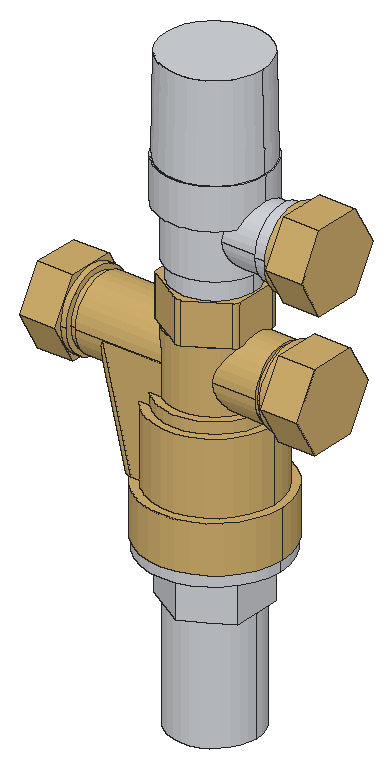
Revit family
Parameters (values of type "KHN3.116")
  URL = "http://www.autospec.co.za/browse.php?id=1644179288"
  Radius of Pipe = Diameter of Pipe / 2  # 11 mm
  Product Code = "KHN3.116"
  Pressure Rating = 600 kPa
  OmniClass Title = ""
  OmniClass Number = ""
  Modspec Classification = ""
  Specification = ""
  Location (revit room) = ""
  Model = "Pressure Control Mono Valve KHN3.116"
  Manufacturer = "Kwikot"  # constant formula
  Material = DZR Brass
  Diameter of Pipe = 22 mm
  Colour = none
  Body Finish = none
  Assembly Code = "D2090800"
Reference planes
  plane 1 "Center (Front/Back)": y = 0
  plane 2: z = 0
  plane 3 "Center (Left/Right)": x = 0
  plane 4: z = -102
  plane 5: z = 85
  plane 6: z = -67
  plane 7: x = 13
  plane 8: x = -13
  plane 9: z = -49.4
  plane 10: z = -34.9
  plane 11: z = -52.865
  plane 12: z = -12.9
  plane 13: z = -9.4
  plane 14: z = 9.6
  plane 15: z = 22.1
  plane 16: z = 28.1
  plane 17: z = 43.6
  plane 18: z = 56
  plane 19: x = 21.5
  plane 20: x = -34.5
  plane 21: x = 36.5
  plane 22: x = -49.5
  plane 23: x = 23.5
  plane 24: x = 25.5
  plane 25: x = -36.5
  plane 26: x = -38.5
  plane 27: z = 39.2
  plane 28: x = 38
  plane 29: x = 27
  plane 30: x = -6.5
Forms (mm)
  Extrusion 1, solid, detail levels fine
    sketch origin (-440, -1524, -102) x (-1, 0, 0) y (0, -1, 0)
      loop
        circle (-440, -1524) r 13
    from 0 to 35
  Extrusion 2, solid, detail levels fine
    sketch origin (-440, -1524, -67) x (-1, 0, 0) y (0, -1, 0)
      loop
        line (-453, -1531.506) -> (-440, -1539.011) -> (-427, -1531.506) -> (-427, -1516.494) -> (-440, -1508.989) -> (-453, -1516.494) -> (-453, -1531.506)
    from 0 to 14.135
  Extrusion 3, solid, detail levels fine
    sketch origin (-20.969, -1524, -52.865) x (-1, 0, 0) y (0, -1, 0)
      loop
        circle (-20.969, -1524) r 20.5
    from 0 to 3.465
  Extrusion 4, solid, material "DZR Brass" <- "Material", detail levels fine
    sketch origin (-165.612, -1524, -49.4) x (-1, 0, 0) y (0, -1, 0)
      loop
        circle (-165.612, -1524) r 21
    from 0 to 14.5
  Extrusion 5, solid, material "DZR Brass" <- "Material", detail levels fine
    sketch origin (0, 0, 0) x (0, 1, 0) y (0, 0, 1)
      loop
        circle (0, 0) r 11
    from 21.5 to -34.5
  Extrusion 6, solid, material "DZR Brass" <- "Material", detail levels fine
    sketch origin (-165.612, -1524, -34.9) x (-1, 0, 0) y (0, -1, 0)
      loop
        circle (-165.612, -1524) r 18.5
    from 0 to 22
  Extrusion 7, solid, material "DZR Brass" <- "Material", detail levels fine
    sketch origin (-60.699, -1524, -12.9) x (-1, 0, 0) y (0, -1, 0)
      loop
        circle (-60.699, -1524) r 16
    from 0 to 3.5
  Extrusion 8, solid, material "DZR Brass" <- "Material", detail levels fine
    sketch origin (-60.699, -1524, -9.4) x (-1, 0, 0) y (0, -1, 0)
      loop
        circle (-60.699, -1524) r 13.5
    from 0 to 19
  Blend 9, solid, material "DZR Brass" <- "Material", detail levels fine
    base sketch origin (-60.699, -1524, -9.4) x (-1, 0, 0) y (0, -1, 0)
      loop
        arc (-34.681, -1535) -> (-33.456, -1534.739) -> (-32.444, -1534) r 3
        arc (-32.444, -1534) -> (-28.625, -1524) -> (-32.444, -1514) r 15
        arc (-32.444, -1514) -> (-33.456, -1513.261) -> (-34.681, -1513) r 3
        line (-34.681, -1513) -> (-54.199, -1513) -> (-54.199, -1535) -> (-34.681, -1535)
    top sketch origin (-60.699, -1524, -9.4) x (-1, 0, 0) y (0, -1, 0)
      loop
        line (-54.199, -1535) -> (-43.324, -1535)
        arc (-43.324, -1535) -> (-41.97, -1534.677) -> (-40.908, -1533.778) r 3
        arc (-40.908, -1533.778) -> (-37.699, -1524) -> (-40.908, -1514.222) r 16.5
        arc (-40.908, -1514.222) -> (-41.97, -1513.323) -> (-43.324, -1513) r 3
        line (-43.324, -1513) -> (-54.199, -1513) -> (-54.199, -1535)
    from 9.4 to -25.5
  Extrusion 10, solid, material "DZR Brass" <- "Material", detail levels fine
    sketch origin (-60.699, -1524, 9.6) x (-1, 0, 0) y (0, -1, 0)
      loop
        line (-72.699, -1532.083) -> (-61.699, -1538.434)
        arc (-61.699, -1538.434) -> (-60.699, -1538.702) -> (-59.699, -1538.434) r 2
        line (-59.699, -1538.434) -> (-48.699, -1532.083)
        arc (-48.699, -1532.083) -> (-47.967, -1531.351) -> (-47.699, -1530.351) r 2
        line (-47.699, -1530.351) -> (-47.699, -1517.649)
        arc (-47.699, -1517.649) -> (-47.967, -1516.649) -> (-48.699, -1515.917) r 2
        line (-48.699, -1515.917) -> (-59.699, -1509.566)
        arc (-59.699, -1509.566) -> (-60.699, -1509.298) -> (-61.699, -1509.566) r 2
        line (-61.699, -1509.566) -> (-72.699, -1515.917)
        arc (-72.699, -1515.917) -> (-73.431, -1516.649) -> (-73.699, -1517.649) r 2
        line (-73.699, -1517.649) -> (-73.699, -1530.351)
        arc (-73.699, -1530.351) -> (-73.431, -1531.351) -> (-72.699, -1532.083) r 2
    from 0 to 12.5
  Extrusion 11, solid, detail levels fine
    sketch origin (-60.699, -1524, 22.1) x (-1, 0, 0) y (0, -1, 0)
      loop
        circle (-60.699, -1524) r 12.2
    from 0 to 6
  Extrusion 12, solid, detail levels fine
    sketch origin (-60.699, -1524, 28.1) x (-1, 0, 0) y (0, -1, 0)
      loop
        circle (-60.699, -1524) r 13.5
    from 0 to 15.5
  Extrusion 13, solid, detail levels fine
    sketch origin (-60.699, -1524, 43.6) x (-1, 0, 0) y (0, -1, 0)
      loop
        circle (-60.699, -1524) r 16
    from 0 to 12.4
  Blend 14, solid, detail levels fine
    base sketch origin (-60.699, -1524, 56) x (-1, 0, 0) y (0, -1, 0)
      loop
        circle (-60.699, -1524) r 15.5
    top sketch origin (-60.699, -1524, 56) x (-1, 0, 0) y (0, -1, 0)
      loop
        circle (-60.699, -1524) r 15
    from 0 to 29
  Extrusion 15, solid, material "DZR Brass" <- "Material", detail levels fine
    sketch origin (21.5, -1524, -21.263) x (0, 0, -1) y (0, -1, 0)
      loop
        circle (-21.263, -1524) r 10.5
    from 0 to -2
  Extrusion 16, solid, material "DZR Brass" <- "Material", detail levels fine
    sketch origin (-34.5, -1524, -21.263) x (0, 0, -1) y (0, -1, 0)
      loop
        circle (-21.263, -1524) r 10.5
    from 0 to 2
  Extrusion 17, solid, material "DZR Brass" <- "Material", detail levels fine
    sketch origin (21.5, -1524, -21.263) x (0, 0, -1) y (0, -1, 0)
      loop
        circle (-21.263, -1524) r 12
    from -2 to -4
  Extrusion 18, solid, material "DZR Brass" <- "Material", detail levels fine
    sketch origin (-34.5, -1524, -21.263) x (0, 0, -1) y (0, -1, 0)
      loop
        circle (-21.263, -1524) r 12
    from 2 to 4
  Extrusion 19, solid, material "DZR Brass" <- "Material", detail levels fine
    sketch origin (25.5, -1524, -21.263) x (0, 0, -1) y (0, -1, 0)
      loop
        line (-9.263, -1517.072) -> (-21.263, -1510.144) -> (-33.263, -1517.072) -> (-33.263, -1530.928) -> (-21.263, -1537.856) -> (-9.263, -1530.928) -> (-9.263, -1517.072)
    from 0 to -11
  Extrusion 20, solid, material "DZR Brass" <- "Material", detail levels fine
    sketch origin (-38.5, -1524, -21.263) x (0, 0, -1) y (0, -1, 0)
      loop
        line (-33.263, -1517.072) -> (-33.263, -1530.928) -> (-21.263, -1537.856) -> (-9.263, -1530.928) -> (-9.263, -1517.072) -> (-21.263, -1510.144) -> (-33.263, -1517.072)
    from 0 to 11
  Extrusion 21, solid, detail levels fine
    sketch origin (0, 0, 0) x (0, 1, 0) y (0, 0, 1)
      loop
        circle (0, 39.2) r 9.5
    from 0 to 20.8
  Extrusion 22, solid, detail levels fine
    sketch origin (0, 0, 0) x (0, 1, 0) y (0, 0, 1)
      loop
        circle (0, 39.2) r 10.45
    from 20.8 to 25
  Extrusion 23, solid, material "DZR Brass" <- "Material", detail levels fine
    sketch origin (0, 0, 0) x (0, 1, 0) y (0, 0, 1)
      loop
        circle (0, 39.2) r 12
    from 25 to 27
  Extrusion 24, solid, material "DZR Brass" <- "Material", detail levels fine
    sketch origin (38, -1524, 63.742) x (0, 0, 1) y (0, -1, 0)
      loop
        line (-12.542, -1517.072) -> (-24.542, -1510.144) -> (-36.542, -1517.072) -> (-36.542, -1530.928) -> (-24.542, -1537.856) -> (-12.542, -1530.928) -> (-12.542, -1517.072)
    from 0 to -11
Cuts and joins
  joined: Extrusion 11, Extrusion 12, Extrusion 13, Blend 14, Extrusion 21, Extrusion 22
  joined: Extrusion 23, Extrusion 24
  joined: Extrusion 1, Extrusion 2, Extrusion 3
  joined: Extrusion 5, Extrusion 10, Extrusion 15, Extrusion 16, Extrusion 17, Extrusion 18, Extrusion 19, Extrusion 20
  joined: Extrusion 4, Extrusion 6, Extrusion 7, Extrusion 8, Blend 9
Lines and regions (mm)
  model lines
    curve 1: line (-6.5, 0, 0) -> (-6.5, 27.166, 0)
    curve 2: line (-16.5, 27.166, 0) -> (3.5, 27.166, 0)
    curve 3: arc (-16.5, 27.166, 0) -> (-6.5, 30.985, 0) -> (3.5, 27.166, 0) r 15
    curve 4: line (-6.5, 30.985, 0) -> (-6.5, 42.166, 0)
    curve 5: line (-6.5, 42.166, 0) -> (29.75, 42.166, 0)
    curve 6: line (29.75, 42.166, 0) -> (29.75, 0, 0)
    curve 7: line (-34.5, -10.5, 0) -> (-34.5, 10.5, 0)
    curve 8: line (-34.5, 10.5, 0) -> (21.5, -10.5, 0)
    curve 9: line (-34.5, -10.5, 0) -> (21.5, 10.5, 0)
    curve 10: line (21.5, -10.5, 0) -> (21.5, 10.5, 0)
    curve 11: line (-34.5, 0, 0) -> (-49.5, 0, 0)
    curve 12: line (21.5, 0, 0) -> (36.5, 0, 0)
Dimensions and locks
  level to plane 4 = 102 mm
  plane 6 to plane 4 = 35 mm
  plane 8 to plane 7 = 26 mm
  plane 3 "Center (Left/Right)" to plane 19 = 21.5 mm
  plane 20 to plane 19 = 56 mm
  plane 3 "Center (Left/Right)" to plane 21 = 36.5 mm
  plane 22 to plane 3 "Center (Left/Right)" = 49.5 mm
  plane 27 to plane 2 = 39.2 mm
  plane 28 to plane 3 "Center (Left/Right)" = 38 mm
  plane 28 to plane 29 = 11 mm
  plane 29 to plane 3 "Center (Left/Right)" = 27 mm
  "Radius of Pipe": plane 1 "Center (Front/Back)" to Blend 9 sketch curve
  equal spacing: Blend 9 sketch curve, plane 1 "Center (Front/Back)", Blend 9 sketch curve
  plane 20 to Blend 9 sketch curve = 2.426 mm
  plane 20 to Blend 9 sketch curve = 11.5 mm
  radius of Extrusion 1 sketch curve = 13 mm
  "Radius of Pipe": radius of Extrusion 5 sketch curve
  radius of Extrusion 21 sketch curve = 9.5 mm
  radius of Extrusion 23 sketch curve = 12 mm
  radius of Extrusion 22 sketch curve = 10.45 mm
  aligned and locked: level to plane 2
  aligned and locked: plane 6 to Extrusion 1
  aligned and locked: Extrusion 1 to plane 4
  aligned and locked: plane 11 to Extrusion 2
  aligned and locked: Extrusion 2 to plane 6
  aligned and locked: plane 9 to Extrusion 3
  aligned and locked: Extrusion 3 to Extrusion 2
  aligned and locked: plane 10 to Extrusion 4
  aligned and locked: Extrusion 4 to plane 9
  aligned and locked: plane 12 to Extrusion 6
  aligned and locked: Extrusion 6 to plane 10
  aligned and locked: plane 13 to Extrusion 7
  aligned and locked: Extrusion 7 to plane 12
  aligned and locked: plane 14 to Extrusion 8
  aligned and locked: Extrusion 8 to Extrusion 7
  aligned and locked: plane 15 to Extrusion 10
  aligned and locked: Extrusion 10 to Extrusion 8
  aligned and locked: plane 16 to Extrusion 11
  aligned and locked: Extrusion 11 to plane 15
  aligned and locked: plane 17 to Extrusion 12
  aligned and locked: Extrusion 12 to plane 16
  aligned and locked: plane 18 to Extrusion 13
  aligned and locked: Extrusion 13 to plane 17
  aligned and locked: plane 5 to Blend 14
  aligned and locked: Blend 14 to plane 18
  aligned and locked: plane 20 to Extrusion 5
  aligned and locked: Extrusion 5 to plane 19
  aligned: Extrusion 16 sketch curve to Extrusion 15
  aligned and locked: Extrusion 16 sketch curve to Extrusion 15
  aligned and locked: Extrusion 17 to Extrusion 15
  aligned: Extrusion 18 sketch curve to Extrusion 17
  aligned and locked: Extrusion 18 sketch curve to Extrusion 17
  aligned and locked: Extrusion 15 to plane 23
  aligned and locked: plane 23 to Extrusion 17
  aligned and locked: Extrusion 17 to plane 24
  aligned and locked: plane 25 to Extrusion 16
  aligned and locked: Extrusion 18 to Extrusion 16
  aligned and locked: plane 26 to Extrusion 18
  aligned and locked: Extrusion 19 to Extrusion 17
  aligned and locked: Extrusion 19 to plane 21
  aligned and locked: plane 22 to Extrusion 20
  aligned and locked: Extrusion 20 to Extrusion 18
  aligned and locked: plane 1 "Center (Front/Back)" to Extrusion 21 sketch curve
  aligned and locked: plane 27 to Extrusion 21 sketch curve
  aligned and locked: plane 27 to Extrusion 22 sketch curve
  aligned and locked: plane 1 "Center (Front/Back)" to Extrusion 22 sketch curve
  aligned and locked: plane 27 to Extrusion 23 sketch curve
  aligned and locked: plane 1 "Center (Front/Back)" to Extrusion 23 sketch curve
  aligned and locked: plane 29 to Extrusion 23
  aligned and locked: plane 28 to Extrusion 24
  aligned and locked: Extrusion 24 to plane 29
  aligned and locked: plane 30 to Blend 9 sketch curve
  aligned and locked: plane 1 "Center (Front/Back)" to Blend 9 sketch curve
  aligned and locked: Blend 9 sketch curve to var sketch  (x2)
  aligned and locked: var sketch to Blend 9 sketch curve
  aligned and locked: cut or joined group of Extrusion 5, Extrusion 10, Extrusion 15, Extrusion 16, Extrusion 17, Extrusion 18, Extrusion 19, Extrusion 20 to curve 12
Automatic sketch dimensions
  plane 1 "Center (Front/Back)" to Extrusion 1 sketch curve = 0 mm
  Extrusion 1 sketch curve to plane 3 "Center (Left/Right)" = 0 mm
  Extrusion 2 sketch curve to plane 7 = 0 mm
  Extrusion 2 sketch curve to plane 3 "Center (Left/Right)" = 0 mm  (x2)
  Extrusion 2 sketch curve to plane 8 = 0 mm
  Extrusion 2 sketch curve to plane 1 "Center (Front/Back)" = 15.011 mm
  Extrusion 2 sketch curve to plane 1 "Center (Front/Back)" = 7.506 mm  (x2)
  plane 1 "Center (Front/Back)" to Extrusion 2 sketch curve = 7.506 mm  (x2)
  Extrusion 2 sketch curve to Extrusion 2 sketch curve = 7.506 mm
  plane 1 "Center (Front/Back)" to Extrusion 3 sketch curve = 0 mm
  Extrusion 3 sketch curve to plane 3 "Center (Left/Right)" = 0 mm
  plane 1 "Center (Front/Back)" to Extrusion 4 sketch curve = 0 mm
  Extrusion 4 sketch curve to plane 3 "Center (Left/Right)" = 0 mm
  Extrusion 5 sketch curve to level = 0 mm
  Extrusion 5 sketch curve to plane 1 "Center (Front/Back)" = 0 mm
  plane 1 "Center (Front/Back)" to Extrusion 6 sketch curve = 0 mm
  Extrusion 6 sketch curve to plane 3 "Center (Left/Right)" = 0 mm
  plane 1 "Center (Front/Back)" to Extrusion 7 sketch curve = 0 mm
  Extrusion 7 sketch curve to plane 3 "Center (Left/Right)" = 0 mm
  plane 1 "Center (Front/Back)" to Extrusion 8 sketch curve = 0 mm
  Extrusion 8 sketch curve to plane 3 "Center (Left/Right)" = 0 mm
  Extrusion 10 sketch curve to plane 7 = 0 mm
  Extrusion 10 sketch curve to plane 3 "Center (Left/Right)" = 0 mm  (x2)
  Extrusion 10 sketch curve to plane 8 = 0 mm
  plane 7 to Extrusion 10 sketch curve = 1 mm  (x2)
  Extrusion 10 sketch curve to Extrusion 10 sketch curve = 2 mm  (x2)
  plane 3 "Center (Left/Right)" to Extrusion 10 sketch curve = 1 mm  (x2)
  Extrusion 10 sketch curve to plane 3 "Center (Left/Right)" = 1 mm  (x2)
  Extrusion 10 sketch curve to plane 8 = 2 mm  (x2)
  Extrusion 10 sketch curve to plane 8 = 1 mm  (x2)
  Extrusion 10 sketch curve to plane 1 "Center (Front/Back)" = 14.434 mm
  Extrusion 10 sketch curve to Extrusion 10 sketch curve = 1.732 mm  (x2)
  Extrusion 10 sketch curve to plane 1 "Center (Front/Back)" = 8.083 mm  (x2)
  plane 1 "Center (Front/Back)" to Extrusion 10 sketch curve = 6.351 mm  (x2)
  Extrusion 10 sketch curve to Extrusion 10 sketch curve = 6.351 mm
  plane 1 "Center (Front/Back)" to Extrusion 11 sketch curve = 0 mm
  Extrusion 11 sketch curve to plane 3 "Center (Left/Right)" = 0 mm
  plane 1 "Center (Front/Back)" to Extrusion 12 sketch curve = 0 mm
  Extrusion 12 sketch curve to plane 3 "Center (Left/Right)" = 0 mm
  plane 1 "Center (Front/Back)" to Extrusion 13 sketch curve = 0 mm
  Extrusion 13 sketch curve to plane 3 "Center (Left/Right)" = 0 mm
  plane 1 "Center (Front/Back)" to Blend 14 sketch curve = 0 mm  (x2)
  Blend 14 sketch curve to plane 3 "Center (Left/Right)" = 0 mm  (x2)
  Extrusion 15 sketch curve to level = 0 mm
  Extrusion 15 sketch curve to plane 1 "Center (Front/Back)" = 0 mm
  Extrusion 17 sketch curve to level = 0 mm
  Extrusion 17 sketch curve to plane 1 "Center (Front/Back)" = 0 mm
  Extrusion 19 sketch curve to level = 0 mm  (x2)
  plane 14 to Extrusion 19 sketch curve = 2.4 mm
  plane 12 to Extrusion 19 sketch curve = 0.9 mm
  Extrusion 19 sketch curve to plane 1 "Center (Front/Back)" = 13.856 mm
  Extrusion 19 sketch curve to plane 1 "Center (Front/Back)" = 6.928 mm  (x2)
  plane 1 "Center (Front/Back)" to Extrusion 19 sketch curve = 6.928 mm  (x2)
  plane 1 "Center (Front/Back)" to Extrusion 19 sketch curve = 13.856 mm
  Extrusion 20 sketch curve to level = 0 mm  (x2)
  plane 14 to Extrusion 20 sketch curve = 2.4 mm
  plane 12 to Extrusion 20 sketch curve = 0.9 mm
  Extrusion 20 sketch curve to plane 1 "Center (Front/Back)" = 13.856 mm
  Extrusion 20 sketch curve to plane 1 "Center (Front/Back)" = 6.928 mm  (x2)
  plane 1 "Center (Front/Back)" to Extrusion 20 sketch curve = 6.928 mm  (x2)
  Extrusion 20 sketch curve to Extrusion 20 sketch curve = 6.928 mm
  Blend 9 sketch curve to Blend 9 sketch curve = 2.236 mm  (x2)
  Blend 9 sketch curve to Blend 9 sketch curve = 0 mm  (x4)
  Blend 9 sketch curve to Blend 9 sketch curve = 2 mm
  plane 1 "Center (Front/Back)" to Blend 9 sketch curve = 0 mm
  Blend 9 sketch curve to plane 30 = 0 mm
  Blend 9 sketch curve to Blend 9 sketch curve = 2.417 mm
  Blend 9 sketch curve to Blend 9 sketch curve = 1.778 mm
  plane 1 "Center (Front/Back)" to curve 11 = 0 mm
  curve 11 to plane 22 = 0 mm
  curve 11 to plane 20 = 0 mm
  curve 5 to plane 30 = 0 mm
  curve 1 to plane 30 = 0 mm
  curve 3 to plane 30 = 0 mm
  curve 8 to plane 19 = 0 mm
  plane 1 "Center (Front/Back)" to curve 6 = 0 mm
  plane 1 "Center (Front/Back)" to curve 1 = 0 mm
  plane 8 to curve 2 = 3.5 mm
  plane 29 to curve 5 = 2.75 mm
  plane 1 "Center (Front/Back)" to curve 7 = 10.5 mm
  curve 10 to curve 12 = 10.5 mm
  curve 9 to plane 1 "Center (Front/Back)" = 10.5 mm
  curve 1 to curve 3 = 15.985 mm
  curve 3 to curve 3 = 11.18 mm
  curve 3 to curve 6 = 15 mm
  radius of Extrusion 3 sketch curve = 20.5 mm
  radius of Extrusion 4 sketch curve = 21 mm
  radius of Extrusion 6 sketch curve = 18.5 mm
  radius of Extrusion 7 sketch curve = 16 mm
  radius of Extrusion 8 sketch curve = 13.5 mm
  radius of Extrusion 11 sketch curve = 12.2 mm
  radius of Extrusion 12 sketch curve = 13.5 mm
  radius of Extrusion 13 sketch curve = 16 mm
  radius of Blend 14 sketch curve = 15.5 mm
  radius of Blend 14 sketch curve = 15 mm
  radius of Extrusion 15 sketch curve = 10.5 mm
  radius of Extrusion 17 sketch curve = 12 mm
Connectors
  piping at (-49.5, 0, 0), driven by "Radius of Pipe"
    settings: on Extrusion 20, index 1, connector radius 11 mm, flow factor 0, pipe flow 0.0 L/s, pressure drop 0 kPa, fitting loss kfactor 0, connector angle 0.00°, fixture units 0, flow configuration 0, flow direction 1, fitting loss method 0, system type 29, connector reference index 2, connector utility 0, adjustable connector yes, is connector primary yes, fitting loss table "", connector description "Pipe Connector"
  piping at (36.5, 0, 0), driven by "Radius of Pipe"
    settings: on Extrusion 19, index 2, connector radius 11 mm, flow factor 0, pipe flow 0.0 L/s, pressure drop 0 kPa, fitting loss kfactor 0, connector angle 0.00°, fixture units 0, flow configuration 0, flow direction 2, fitting loss method 0, system type 29, connector reference index 1, connector utility 0, adjustable connector yes, is connector primary no, fitting loss table "", connector description "Pipe Connector"
  piping at (38, 0, 39.2), driven by "Radius of Pipe"
    settings: on cut or joined group of Extrusion 23, Extrusion 24, index 3, connector radius 11 mm, flow factor 0, pipe flow 0.0 L/s, pressure drop 0 kPa, fitting loss kfactor 0, connector angle 0.00°, fixture units 0, flow configuration 0, flow direction 2, fitting loss method 0, system type 29, connector reference index -1, connector utility 0, adjustable connector yes, is connector primary no, fitting loss table "", connector description "Pipe Connector"
